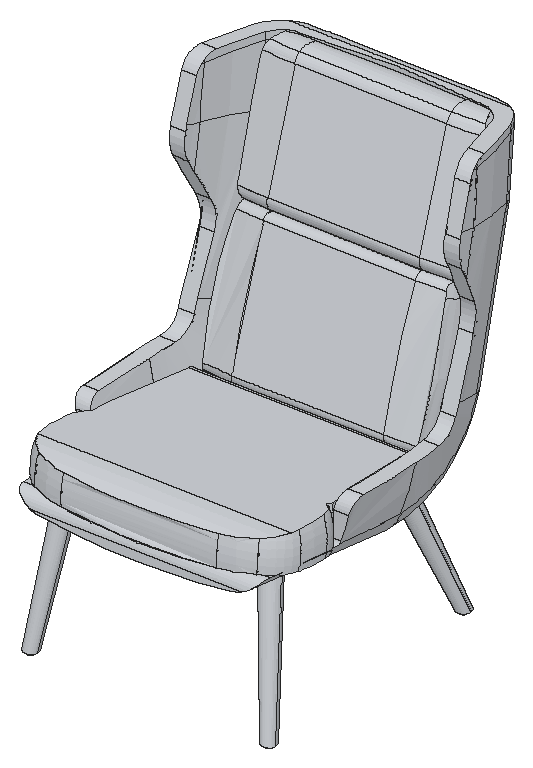
Revit family "Keilhauer-Wunder-Lounge_Chair", category Furniture, Revit 2016
Family settings
  OmniClass Number = 23.40.20.00
  OmniClass Title = General Furniture and Specialties
  Work Plane-Based = No
  Always vertical = Yes
  Cut with Voids When Loaded = No
  Shared = No
  Room Calculation Point = No
Parameters (values of type "78060")
  Width = 26"
  URL = "https://keilhauer.com/"
  Type Comments = "Wunder "  # constant formula
  Seat Finish [instance] = none
  Salvage or Reuse = yes
  Product Documentation Link = "https://keilhauer.com/product-family/wunder/"
  Percentage of Recycled Content = 0
  Model = "78060"
  Manufacturer = "Keilhauer"  # constant formula
  Low Emitting Material = yes
  Low Emitting Finish = yes
  Revit File Built By = "https://servex-us.com/servex-revit/"
  Leg Finish [instance] = none
  Keynote = "12500"
  Height = 38 7/8"
  Glide Finish [instance] = none
  Description = "Mid back lounge chair with ash legs"
  Depth = 30 7/8"
  Copyright = "© 2022 Keilhauer"
  Body Finish [instance] = none
  Back Finish [instance] = none
  Assembly Code = "E2020200"
Types (3): name | Model | Description
  (no name) | "78060" | "Mid back lounge chair with ash legs"
  78060 | "78060" | "Mid back lounge chair with ash legs"
  78061 | "78061" | "Mid back lounge chair with walnut legs"
Reference planes
  plane 1 "Center Front/Back": y = 0
  plane 2: z = 0
  plane 3 "Center Left/Right": x = 0
  plane 4: y = 392.09
  plane 5: y = -392.09
  plane 6: x = -327.952
  plane 7: x = 327.952
  plane 8: through (0, 85.712, 501.657) normal (0, 0.0872, 0.9962)
  plane 9: through (0, -510.126, 358.354) normal (0, 0.9944, -0.1061)
  plane 10: z = 987.403
Forms (mm)
  Sweep 1, solid, material <- "Body Finish"
    path origin (0, 0, 0) x (0, 1, 0) y (0, 0, 1)
      loop
        arc (-418.933, 309.04) -> (-210.726, 273.313) -> (-0.293, 254.754) r 2577.948
        arc (-0.293, 254.754) -> (181.123, 307.367) -> (292.412, 459.992) r 292.1
        arc (292.412, 459.992) -> (341.582, 638.875) -> (379.017, 820.577) r 2851.595
        arc (379.017, 820.577) -> (388.816, 896.721) -> (392.09, 973.422) r 900.051
        line (392.09, 973.422) -> (392.09, 1005.172)
    profile origin (0, 392.09, 989.297) x (0, -1, 0) y (1, 0, 0)
      loop
        arc (13.067, -214.928) -> (32.914, -262.484) -> (74.627, -292.744) r 95.25
        arc (74.627, -292.744) -> (144.229, -314.203) -> (215.755, -327.952) r 667.506
        arc (215.755, -327.952) -> (247.683, -331.519) -> (279.746, -333.545) r 667.506
        line (279.746, -333.545) -> (279.746, -298.592)
        arc (279.746, -298.592) -> (250.044, -296.666) -> (220.466, -293.346) r 632.581
        arc (220.466, -293.346) -> (152.683, -280.317) -> (86.723, -259.98) r 632.581
        arc (86.723, -259.98) -> (60.305, -240.816) -> (47.735, -210.697) r 60.325
        arc (47.735, -210.697) -> (34.925, 0) -> (47.735, 210.697) r 1739.203
        arc (47.735, 210.697) -> (60.305, 240.816) -> (86.723, 259.98) r 60.325
        arc (86.723, 259.98) -> (152.683, 280.317) -> (220.466, 293.346) r 632.581
        arc (220.466, 293.346) -> (250.044, 296.666) -> (279.746, 298.592) r 632.581
        line (279.746, 298.592) -> (279.746, 333.545)
        arc (279.746, 333.545) -> (247.683, 331.519) -> (215.755, 327.952) r 667.506
        arc (215.755, 327.952) -> (144.229, 314.203) -> (74.627, 292.744) r 667.506
        arc (74.627, 292.744) -> (32.914, 262.484) -> (13.067, 214.928) r 95.25
        arc (13.067, 214.928) -> (0, 0) -> (13.067, -214.928) r 1774.128
  Extrusion 2, void
    sketch origin (-2.897, 0, 0) x (0, 1, 0) y (0, 0, 1)
      loop
        line (203.45, 989.865) -> (366.32, 989.865)
        arc (366.32, 989.865) -> (386.35, 983.338) -> (398.689, 966.264) r 33.997
        line (398.689, 966.264) -> (398.689, 1029.764) -> (93.889, 1029.764) -> (-16.718, 586.144) -> (-390.266, 618.826) -> (-450.676, 295.781) -> (-390.759, 295.781) -> (-388.767, 324.269)
        arc (-388.767, 324.269) -> (-378.648, 344.564) -> (-357.143, 351.759) r 29.63
        line (-357.143, 351.759) -> (-181.189, 339.455)
        arc (-181.189, 339.455) -> (-173.213, 342.28) -> (-169.84, 350.039) r 10.609
        line (-169.84, 350.039) -> (-169.84, 407.963)
        arc (-169.84, 407.963) -> (-160.478, 430.476) -> (-137.915, 439.713) r 31.75
        arc (-137.915, 439.713) -> (-29.01, 440.655) -> (79.824, 444.682) r 3844.76
        arc (79.824, 444.682) -> (110.535, 455.551) -> (130.317, 481.433) r 57.15
        line (130.317, 481.433) -> (185.604, 626.739)
        arc (185.604, 626.739) -> (190.839, 661.257) -> (181.338, 694.851) r 82.55
        line (181.338, 694.851) -> (131.126, 789.285)
        arc (131.126, 789.285) -> (121.891, 819.645) -> (124.792, 851.245) r 82.55
        line (124.792, 851.245) -> (154.698, 953.346)
        arc (154.698, 953.346) -> (172.993, 979.723) -> (203.45, 989.865) r 50.8
    from -381.556 to 387.35
  Sweep 3, solid, material <- "Back Finish"
    path origin (0, 398.747, 1115.387) x (0, -0.951057, 0.309017) y (-1, 0, 0)
      loop
        arc (48.288, -305.87) -> (61.538, -240.869) -> (68.198, -174.866) r 660.159
        arc (68.198, -174.866) -> (72.596, 0) -> (68.198, 174.866) r 3478.288
        arc (68.198, 174.866) -> (61.538, 240.869) -> (48.288, 305.87) r 660.159
    profile origin (0, 329.704, 1137.821) x (0, 0.951057, -0.309017) y (0, -0.309017, -0.951057)
      loop
        arc (5.026, 179.307) -> (7.158, 167.396) -> (13.289, 156.965) r 34.336
        arc (13.289, 156.965) -> (39.756, 140.995) -> (70.526, 143.954) r 49.222
        line (70.526, 143.954) -> (88.656, 454.861)
        arc (88.656, 454.861) -> (57.873, 458.67) -> (26.896, 457.061) r 177.436
        arc (26.896, 457.061) -> (11.259, 448.573) -> (5.026, 431.907) r 25.4
        line (5.026, 431.907) -> (5.026, 179.307)
  Sweep 4, void
    path origin (0, 185.195, 945) x (0, 0.309017, 0.951057) y (-1, 0, 0)
      loop
        arc (100.224, 214.928) -> (74.789, 245.354) -> (36.83, 256.837) r 69.257
        arc (36.83, 256.837) -> (-78.15, 255.478) -> (-193.037, 250.623) r 3780.217
        arc (-193.037, 250.623) -> (-227.312, 241.81) -> (-255.695, 220.672) r 91.68
    profile origin (-255.478, 161.045, 870.674) x (0.999635, 0.008351, 0.025701) y (0, -0.951057, 0.309017)
      loop
        line (-88.155, 0) -> (-88.155, -285.75) -> (25.4, -285.75)
        spline (25.4, -285.75) -> (18.826, -280.882) -> (12.7, -266.608) -> (7.439, -243.903) -> (3.403, -214.312) -> (0.865, -179.854) -> (0, -142.875) -> (0.865, -105.896) -> (3.403, -71.437) -> (7.439, -41.847) -> (12.7, -19.142) -> (18.826, -4.868) -> (25.4, 0)
        line (25.4, 0) -> (-88.155, 0)
  Sweep 5, void
    path origin (0, 185.195, 945) x (0, 0.309017, 0.951057) y (-1, 0, 0)
      loop
        arc (100.224, -214.928) -> (74.789, -245.354) -> (36.83, -256.837) r 69.257
        arc (36.83, -256.837) -> (-78.15, -255.478) -> (-193.037, -250.623) r 3780.217
        arc (-193.037, -250.623) -> (-227.312, -241.81) -> (-255.695, -220.672) r 91.68
    profile origin (255.478, 161.045, 870.674) x (0.999635, -0.008351, -0.025701) y (0, -0.951057, 0.309017)
      loop
        line (88.155, 0) -> (-25.4, 0)
        spline (-25.4, 0) -> (-18.826, -4.868) -> (-12.7, -19.142) -> (-7.439, -41.847) -> (-3.403, -71.438) -> (-0.865, -105.896) -> (0, -142.875) -> (-0.865, -179.854) -> (-3.403, -214.313) -> (-7.439, -243.903) -> (-12.7, -266.608) -> (-18.826, -280.882) -> (-25.4, -285.75)
        line (-25.4, -285.75) -> (88.155, -285.75) -> (88.155, 0)
  Sweep 6, solid, material <- "Back Finish"
    path origin (0, 296.709, 810.447) x (0, -0.951057, 0.309017) y (-1, 0, 0)
      loop
        arc (48.288, -305.87) -> (61.538, -240.869) -> (68.198, -174.866) r 660.159
        arc (68.198, -174.866) -> (72.596, 0) -> (68.198, 174.866) r 3478.288
        arc (68.198, 174.866) -> (61.538, 240.869) -> (48.288, 305.87) r 660.159
    profile origin (0, 227.666, 832.881) x (0, 0.951057, -0.309017) y (0, -0.309017, -0.951057)
      loop
        arc (68.08, 138.732) -> (94.4, 151.286) -> (104.133, 178.774) r 38.1
        line (104.133, 178.774) -> (89.716, 453.878)
        arc (89.716, 453.878) -> (70.923, 481.222) -> (38.028, 476.891) r 31.75
        line (38.028, 476.891) -> (17.718, 460.444)
        arc (17.718, 460.444) -> (12.052, 453.614) -> (9.452, 445.129) r 22.603
        arc (9.452, 445.129) -> (2.238, 299.466) -> (9.679, 153.814) r 1451.294
        arc (9.679, 153.814) -> (16.235, 141.276) -> (29.629, 136.717) r 19.05
        line (29.629, 136.717) -> (68.08, 138.732)
  Sweep 7, void
    path origin (0, 194.012, 942.135) x (0, 0.309017, 0.951057) y (-1, 0, 0)
      loop
        arc (-191.706, 226.542) -> (-223.648, 244.724) -> (-259.089, 254.459) r 147.745
        arc (-259.089, 254.459) -> (-409.406, 265.254) -> (-559.722, 254.459) r 1052.022
        arc (-559.722, 254.459) -> (-607.318, 229.103) -> (-627.774, 179.205) r 79.481
    profile origin (-265.254, 67.498, 552.767) x (1, 0, 0) y (0, -0.951057, 0.309017)
      loop
        line (38.1, -57.15) -> (-62.698, -57.15) -> (-62.698, -260.35) -> (38.1, -260.35)
        spline (38.1, -260.35) -> (28.239, -256.888) -> (19.05, -246.738) -> (11.159, -230.592) -> (5.104, -209.55) -> (1.298, -185.046) -> (0, -158.75) -> (1.298, -132.454) -> (5.104, -107.95) -> (11.159, -86.908) -> (19.05, -70.762) -> (28.239, -60.612) -> (38.1, -57.15)
  Sweep 8, void
    path origin (0, 194.012, 942.135) x (0, 0.309017, 0.951057) y (-1, 0, 0)
      loop
        arc (-191.706, -226.542) -> (-223.648, -244.724) -> (-259.089, -254.459) r 147.745
        arc (-259.089, -254.459) -> (-409.406, -265.254) -> (-559.722, -254.459) r 1052.022
        arc (-559.722, -254.459) -> (-607.318, -229.103) -> (-627.774, -179.205) r 79.481
    profile origin (265.254, 67.498, 552.767) x (1, 0, 0) y (0, -0.951057, 0.309017)
      loop
        spline (-38.1, -57.15) -> (-28.239, -60.612) -> (-19.05, -70.762) -> (-11.159, -86.908) -> (-5.104, -107.95) -> (-1.298, -132.454) -> (0, -158.75) -> (-1.298, -185.046) -> (-5.104, -209.55) -> (-11.159, -230.592) -> (-19.05, -246.738) -> (-28.239, -256.888) -> (-38.1, -260.35)
        line (-38.1, -260.35) -> (62.698, -260.35) -> (62.698, -57.15) -> (-38.1, -57.15)
  Extrusion 9, solid, material <- "Seat Finish"
    sketch origin (0, 0, 0) x (0, 1, 0) y (0, 0, 1)
      loop
        arc (85.194, 400.099) -> (-111.042, 418.305) -> (-308.011, 424.92) r 3344.411
        arc (-308.011, 424.92) -> (-351.316, 419.78) -> (-392.09, 404.311) r 178.815
        line (-392.09, 404.311) -> (-394.463, 336.364)
        arc (-394.463, 336.364) -> (-376.175, 347.92) -> (-354.758, 350.967) r 51.616
        line (-354.758, 350.967) -> (-244.842, 343.281)
        arc (-244.842, 343.281) -> (-70.241, 328.821) -> (103.933, 309.891) r 6836.199
        arc (103.933, 309.891) -> (128.519, 321.609) -> (128.365, 348.843) r 25.4
        line (128.365, 348.843) -> (102.32, 389.346)
        arc (102.32, 389.346) -> (94.956, 396.631) -> (85.194, 400.099) r 23.804
    from -327.952 to 327.952
  Sweep 10, void
    path origin (0, 77.243, 404.859) x (0, 0.996195, -0.087156) y (-1, 0, 0)
      loop
        arc (-247.466, -276.565) -> (-267.938, -295.202) -> (-294.333, -303.555) r 64.584
        arc (-294.333, -303.555) -> (-331.313, -304.841) -> (-368.207, -302.008) r 332.312
        arc (-368.207, -302.008) -> (-406.211, -286.69) -> (-432.168, -254.986) r 82.55
        arc (-432.168, -254.986) -> (-445.767, -217.52) -> (-452.671, -178.264) r 229.211
        arc (-452.671, -178.264) -> (-460.433, 0) -> (-452.671, 178.264) r 2050.947
        arc (-452.671, 178.264) -> (-445.767, 217.52) -> (-432.168, 254.986) r 229.211
        arc (-432.168, 254.986) -> (-406.211, 286.69) -> (-368.207, 302.008) r 82.55
        arc (-368.207, 302.008) -> (-331.313, 304.841) -> (-294.333, 303.555) r 332.312
        arc (-294.333, 303.555) -> (-267.938, 295.202) -> (-247.466, 276.565) r 64.584
    profile origin (0, -381.438, 444.988) x (0, -0.996195, 0.087156) y (0, 0.087156, 0.996195)
      loop
        spline (-38.1, 19.05) -> (-28.239, 16.129) -> (-19.05, 7.565) -> (-11.159, -6.058) -> (-5.104, -23.813) -> (-1.298, -44.488) -> (0, -66.675) -> (-1.298, -88.862) -> (-5.104, -109.538) -> (-11.159, -127.292) -> (-19.05, -140.915) -> (-28.239, -149.479) -> (-38.1, -152.4)
        line (-38.1, -152.4) -> (76.2, -152.4) -> (76.2, 19.05) -> (-38.1, 19.05)
  Extrusion 11, void
    sketch origin (0, 77.243, 404.859) x (0, 0.996195, -0.087156) y (-1, 0, 0)
      loop
        line (-248.497, 275.835) -> (11.219, 257.674)
        arc (11.219, 257.674) -> (59.67, 241.576) -> (94.403, 204.155) r 102.803
        line (94.403, 204.155) -> (94.403, 346.465) -> (-248.497, 346.465) -> (-248.497, 275.835)
      loop
        line (-248.497, -275.835) -> (-248.497, -346.465) -> (94.403, -346.465) -> (94.403, -204.155)
        arc (94.403, -204.155) -> (59.67, -241.576) -> (11.219, -257.674) r 102.803
        line (11.219, -257.674) -> (-248.497, -275.835)
    from -117.214 to 12.7
  Blend 12, solid, material <- "Leg Finish"
    base sketch origin (0, 0, 0) x (1, 0, 0) y (0, 1, 0)
      loop
        circle (-238.942, 250.318) r 16.089
    top sketch origin (0, 0, 0) x (1, 0, 0) y (0, 1, 0)
      loop
        circle (-189.02, 126.393) r 25.4
    from 6.35 to 303.581
  Blend 13, solid, material <- "Leg Finish"
    base sketch origin (0, 0, 0) x (-1, 0, 0) y (0, -1, 0)
      loop
        circle (-238.942, -250.318) r 16.089
    top sketch origin (0, 0, 0) x (-1, 0, 0) y (0, -1, 0)
      loop
        circle (-189.02, -126.393) r 25.4
    from 6.35 to 303.581
  Blend 14, solid, material <- "Leg Finish"
    base sketch origin (0, -323.85, 0) x (1, 0, 0) y (0, 1, 0)
      loop
        circle (-272.246, -24.431) r 16.089
    top sketch origin (0, -323.85, 0) x (1, 0, 0) y (0, 1, 0)
      loop
        circle (-231.408, 32.565) r 23.461
    from 6.35 to 329.185
  Blend 15, solid, material <- "Leg Finish"
    base sketch origin (0, -323.85, 0) x (-1, 0, 0) y (0, -1, 0)
      loop
        circle (-272.246, 24.431) r 16.089
    top sketch origin (0, -323.85, 0) x (-1, 0, 0) y (0, -1, 0)
      loop
        circle (-231.408, -32.565) r 23.461
    from 6.35 to 329.185
  Extrusion 16, solid, material <- "Glide Finish"
    sketch origin (0, 0, 0) x (1, 0, 0) y (0, 1, 0)
      loop
        circle (-238.744, 250.318) r 7.997
    from 0 to 6.35
  Extrusion 17, solid, material <- "Glide Finish"
    sketch origin (0, 0, 0) x (-1, 0, 0) y (0, -1, 0)
      loop
        circle (-238.744, -250.318) r 7.997
    from 0 to 6.35
  Extrusion 18, solid, material <- "Glide Finish"
    sketch origin (-33.304, -598.599, 0) x (1, 0, 0) y (0, 1, 0)
      loop
        circle (-238.744, 250.318) r 7.997
    from 0 to 6.35
  Extrusion 19, solid, material <- "Glide Finish"
    sketch origin (33.304, -598.599, 0) x (-1, 0, 0) y (0, -1, 0)
      loop
        circle (-238.744, -250.318) r 7.997
    from 0 to 6.35
Cuts and joins
  Sweep 4, Sweep 5 cuts Sweep 3
  Sweep 7, Sweep 8 cuts Sweep 6
  Sweep 10, Extrusion 11 cuts Extrusion 9
  Extrusion 2 cuts Sweep 1
Lines and regions (mm)
  symbolic lines
    curve 1: arc (-214.928, 379.023, 0) -> (0, 392.09, 0) -> (214.928, 379.023, 0) r 1774.128
    curve 2: arc (-292.744, 317.462, 0) -> (-262.484, 359.175, 0) -> (-214.928, 379.023, 0) r 95.25
    curve 3: arc (-327.952, 176.335, 0) -> (-314.203, 247.861, 0) -> (-292.744, 317.462, 0) r 667.506
    curve 4: arc (210.697, 344.355, 0) -> (0, 357.165, 0) -> (-210.697, 344.355, 0) r 1739.203
    curve 5: arc (-210.697, 344.355, 0) -> (-240.816, 331.785, 0) -> (-259.98, 305.367, 0) r 60.325
    curve 6: arc (-259.98, 305.367, 0) -> (-280.317, 239.407, 0) -> (-293.346, 171.624, 0) r 632.581
    curve 7: arc (-332.096, 121.534, 0) -> (-330.844, 148.996, 0) -> (-327.952, 176.335, 0) r 459.444
    curve 8: arc (-293.346, 171.624, 0) -> (-296.109, 146.632, 0) -> (-297.608, 121.534, 0) r 498.497
    curve 9: line (-297.608, 121.534, 0) -> (-332.096, 121.534, 0)
    curve 10: arc (292.744, 317.462, 0) -> (262.484, 359.175, 0) -> (214.928, 379.023, 0) r 95.25
    curve 11: arc (327.952, 176.335, 0) -> (314.203, 247.861, 0) -> (292.744, 317.462, 0) r 667.506
    curve 12: arc (210.697, 344.355, 0) -> (240.816, 331.785, 0) -> (259.98, 305.367, 0) r 60.325
    curve 13: arc (259.98, 305.367, 0) -> (280.317, 239.407, 0) -> (293.346, 171.624, 0) r 632.581
    curve 14: arc (332.096, 121.534, 0) -> (330.844, 148.996, 0) -> (327.952, 176.335, 0) r 459.444
    curve 15: arc (293.346, 171.624, 0) -> (296.109, 146.632, 0) -> (297.608, 121.534, 0) r 498.497
    curve 16: line (297.608, 121.534, 0) -> (332.096, 121.534, 0)
    curve 17: spline (-253.92, 317.424, 0) -> (-254.631, 308.781, 0) -> (-255.126, 300.101, 0) -> (-255.407, 291.385, 0) -> (-255.473, 282.633, 0) -> (-255.325, 273.846, 0) -> (-254.961, 265.025, 0) -> (-254.382, 256.17, 0) -> (-253.589, 247.281, 0) -> (-252.58, 238.359, 0) -> (-251.357, 229.405, 0) -> (-249.92, 220.419, 0) -> (-248.267, 211.402, 0)
    curve 18: spline (253.92, 317.424, 0) -> (254.63, 308.782, 0) -> (255.126, 300.103, 0) -> (255.407, 291.388, 0) -> (255.474, 282.638, 0) -> (255.325, 273.852, 0) -> (254.961, 265.032, 0) -> (254.383, 256.178, 0) -> (253.59, 247.29, 0) -> (252.582, 238.37, 0) -> (251.359, 229.417, 0) -> (249.922, 220.432, 0) -> (248.27, 211.416, 0)
    curve 19: arc (-248.267, 211.402, 0) -> (0.002, 199.333, 0) -> (248.27, 211.416, 0) r 2558.08
    curve 20: arc (-254.376, 252.265, 0) -> (-259.468, 180.857, 0) -> (-246.173, 110.513, 0) r 278.269
    curve 21: arc (254.376, 252.265, 0) -> (259.468, 180.857, 0) -> (246.173, 110.513, 0) r 278.269
    curve 22: arc (-246.173, 110.513, 0) -> (0, 98.575, 0) -> (246.173, 110.513, 0) r 2544.09
    curve 23: arc (-257.759, 94.409, 0) -> (-268.233, -40.018, 0) -> (-276.093, -174.623, 0) r 6943.301
    curve 24: arc (-249.046, 119.86, 0) -> (-254.953, 107.665, 0) -> (-257.759, 94.409, 0) r 56.04
    curve 25: arc (257.759, 94.409, 0) -> (268.233, -40.018, 0) -> (276.093, -174.623, 0) r 6943.301
    curve 26: arc (249.046, 119.86, 0) -> (254.953, 107.665, 0) -> (257.759, 94.409, 0) r 56.04
    curve 27: arc (-302.178, -292.808, 0) -> (-305.186, -256.242, 0) -> (-303.112, -219.611, 0) r 264.865
    curve 28: arc (-303.112, -219.611, 0) -> (-294.338, -194.273, 0) -> (-276.093, -174.623, 0) r 65.082
    curve 29: arc (302.178, -292.808, 0) -> (305.186, -256.242, 0) -> (303.112, -219.611, 0) r 264.865
    curve 30: arc (303.112, -219.611, 0) -> (294.338, -194.273, 0) -> (276.093, -174.623, 0) r 65.082
    curve 31: arc (-221.529, -372.729, 0) -> (0, -388.521, 0) -> (221.529, -372.729, 0) r 1561.702
    curve 32: arc (-221.529, -372.729, 0) -> (-275.063, -346.099, 0) -> (-302.178, -292.808, 0) r 95.25
    curve 33: arc (221.529, -372.729, 0) -> (275.063, -346.099, 0) -> (302.178, -292.808, 0) r 95.25
    curve 34: spline (-293.346, 144.007, 0) -> (-292.753, 147.127, 0) -> (-292.129, 150.246, 0) -> (-291.472, 153.363, 0) -> (-290.783, 156.478, 0) -> (-290.062, 159.592, 0) -> (-289.309, 162.704, 0) -> (-288.524, 165.814, 0) -> (-287.708, 168.923, 0) -> (-286.859, 172.03, 0) -> (-285.978, 175.135, 0) -> (-285.066, 178.237, 0) -> (-284.121, 181.338, 0)
    curve 35: spline (-284.493, 79.824, 0) -> (-285.117, 73.905, 0) -> (-285.68, 67.979, 0) -> (-286.181, 62.046, 0) -> (-286.62, 56.109, 0) -> (-286.997, 50.167, 0) -> (-287.312, 44.221, 0) -> (-287.566, 38.271, 0) -> (-287.757, 32.319, 0) -> (-287.886, 26.365, 0) -> (-287.953, 20.409, 0) -> (-287.957, 14.453, 0) -> (-287.9, 8.497, 0)
    curve 36: spline (-323.423, 8.497, 0) -> (-323.477, 14.452, 0) -> (-323.472, 20.407, 0) -> (-323.409, 26.362, 0) -> (-323.287, 32.315, 0) -> (-323.106, 38.266, 0) -> (-322.867, 44.215, 0) -> (-322.569, 50.161, 0) -> (-322.212, 56.103, 0) -> (-321.797, 62.041, 0) -> (-321.323, 67.975, 0) -> (-320.791, 73.902, 0) -> (-320.2, 79.824, 0)
    curve 37: arc (-320.88, -137.915, 0) -> (-322.274, -64.711, 0) -> (-323.423, 8.497, 0) r 21903.502
    curve 38: arc (-312.793, -169.84, 0) -> (-318.659, -154.339, 0) -> (-320.88, -137.915, 0) r 73.047
    curve 39: line (-312.793, -169.84, 0) -> (-275.859, -169.84, 0)
    curve 40: arc (-287.9, 8.497, 0) -> (-286.686, -64.711, 0) -> (-285.212, -137.915, 0) r 20666.486
    curve 41: arc (-285.212, -137.915, 0) -> (-284.326, -150.889, 0) -> (-282.245, -163.726, 0) r 140.611
    curve 42: arc (-282.245, -163.726, 0) -> (-279.998, -167.771, 0) -> (-275.859, -169.84, 0) r 7.827
    curve 43: arc (-279.782, 187.397, 0) -> (-280.347, 133.532, 0) -> (-284.493, 79.824, 0) r 809.33
    curve 44: arc (-284.121, 181.338, 0) -> (-282.442, 184.719, 0) -> (-279.782, 187.397, 0) r 11.808
    curve 45: arc (-320.2, 79.824, 0) -> (-318.437, 100.652, 0) -> (-317.505, 121.534, 0) r 525.051
    curve 46: spline (293.346, 144.007, 0) -> (292.753, 147.127, 0) -> (292.129, 150.246, 0) -> (291.472, 153.363, 0) -> (290.783, 156.478, 0) -> (290.062, 159.592, 0) -> (289.309, 162.704, 0) -> (288.524, 165.814, 0) -> (287.708, 168.923, 0) -> (286.859, 172.03, 0) -> (285.978, 175.135, 0) -> (285.066, 178.237, 0) -> (284.121, 181.338, 0)
    curve 47: spline (284.493, 79.824, 0) -> (285.117, 73.905, 0) -> (285.68, 67.979, 0) -> (286.181, 62.046, 0) -> (286.62, 56.109, 0) -> (286.997, 50.167, 0) -> (287.312, 44.221, 0) -> (287.566, 38.271, 0) -> (287.757, 32.319, 0) -> (287.886, 26.365, 0) -> (287.953, 20.409, 0) -> (287.957, 14.453, 0) -> (287.9, 8.497, 0)
    curve 48: spline (323.423, 8.497, 0) -> (323.477, 14.452, 0) -> (323.472, 20.407, 0) -> (323.409, 26.362, 0) -> (323.287, 32.315, 0) -> (323.106, 38.266, 0) -> (322.867, 44.215, 0) -> (322.569, 50.161, 0) -> (322.212, 56.103, 0) -> (321.797, 62.041, 0) -> (321.323, 67.975, 0) -> (320.791, 73.902, 0) -> (320.2, 79.824, 0)
    curve 49: arc (320.88, -137.915, 0) -> (322.274, -64.711, 0) -> (323.423, 8.497, 0) r 21903.502
    curve 50: arc (312.793, -169.84, 0) -> (318.659, -154.339, 0) -> (320.88, -137.915, 0) r 73.047
    curve 51: line (312.793, -169.84, 0) -> (275.859, -169.84, 0)
    curve 52: arc (287.9, 8.497, 0) -> (286.686, -64.711, 0) -> (285.212, -137.915, 0) r 20666.486
    curve 53: arc (285.212, -137.915, 0) -> (284.326, -150.889, 0) -> (282.245, -163.726, 0) r 140.611
    curve 54: arc (279.782, 187.397, 0) -> (280.347, 133.532, 0) -> (284.493, 79.824, 0) r 809.33
    curve 55: arc (284.121, 181.338, 0) -> (282.442, 184.719, 0) -> (279.782, 187.397, 0) r 11.808
    curve 56: arc (320.2, 79.824, 0) -> (318.437, 100.652, 0) -> (317.505, 121.534, 0) r 525.051
    curve 57: arc (-290.081, -188.035, 0) -> (-290.32, -178.307, 0) -> (-295.116, -169.84, 0) r 20.027
    curve 58: arc (290.081, -188.035, 0) -> (290.32, -178.307, 0) -> (295.116, -169.84, 0) r 20.027
    curve 59: arc (-297.608, 121.534, 0) -> (-295.451, 132.766, 0) -> (-293.346, 144.007, 0) r 2462.017
    curve 60: arc (297.608, 121.534, 0) -> (295.451, 132.766, 0) -> (293.346, 144.007, 0) r 2462.017
  symbolic lines, style "FurnitureHiddenLines", detail levels fine
    curve 61: arc (-207.947, -291.285, 0) -> (-231.408, -267.824, 0) -> (-254.869, -291.285, 0) r 23.461
    curve 62: arc (-254.869, -291.285, 0) -> (-231.408, -314.746, 0) -> (-207.947, -291.285, 0) r 23.461
    curve 63: arc (-256.157, -348.281, 0) -> (-272.246, -364.369, 0) -> (-288.335, -348.281, 0) r 16.089
    curve 64: arc (-288.335, -348.281, 0) -> (-272.246, -332.192, 0) -> (-256.157, -348.281, 0) r 16.089
    curve 65: line (-251.714, -279.534, 0) -> (-286.237, -340.337, 0)
    curve 66: line (-259.752, -358.418, 0) -> (-213.884, -306.883, 0)
    curve 67: arc (207.947, -291.285, 0) -> (231.408, -267.824, 0) -> (254.869, -291.285, 0) r 23.461
    curve 68: arc (254.869, -291.285, 0) -> (231.408, -314.746, 0) -> (207.947, -291.285, 0) r 23.461
    curve 69: arc (256.157, -348.281, 0) -> (272.246, -364.369, 0) -> (288.335, -348.281, 0) r 16.089
    curve 70: arc (288.335, -348.281, 0) -> (272.246, -332.192, 0) -> (256.157, -348.281, 0) r 16.089
    curve 71: line (251.714, -279.534, 0) -> (286.237, -340.337, 0)
    curve 72: line (259.752, -358.418, 0) -> (213.884, -306.883, 0)
    curve 73: arc (-255.031, 250.318, 0) -> (-238.942, 266.407, 0) -> (-222.853, 250.318, 0) r 16.089
    curve 74: arc (-222.853, 250.318, 0) -> (-238.942, 234.229, 0) -> (-255.031, 250.318, 0) r 16.089
    curve 75: arc (-163.62, 126.393, 0) -> (-189.02, 151.793, 0) -> (-214.42, 126.393, 0) r 25.4
    curve 76: arc (-214.42, 126.393, 0) -> (-189.02, 100.993, 0) -> (-163.62, 126.393, 0) r 25.4
    curve 77: line (-165.856, 136.815, 0) -> (-224.473, 257.354, 0)
    curve 78: line (-212.526, 116.768, 0) -> (-254.246, 245.353, 0)
    curve 79: arc (255.031, 250.318, 0) -> (238.942, 266.407, 0) -> (222.853, 250.318, 0) r 16.089
    curve 80: arc (222.853, 250.318, 0) -> (238.942, 234.229, 0) -> (255.031, 250.318, 0) r 16.089
    curve 81: arc (163.62, 126.393, 0) -> (189.02, 151.793, 0) -> (214.42, 126.393, 0) r 25.4
    curve 82: arc (214.42, 126.393, 0) -> (189.02, 100.993, 0) -> (163.62, 126.393, 0) r 25.4
    curve 83: line (165.856, 136.815, 0) -> (224.473, 257.354, 0)
    curve 84: line (212.526, 116.768, 0) -> (254.246, 245.353, 0)
Dimensions and locks
  plane 6 to plane 7 = 25.82297"
  plane 5 to plane 4 = 30.87321"
  plane 10 to plane 2 = 38.87414"
  aligned and locked: level to plane 2
  aligned and locked: curve 75 to Blend 12
  aligned and locked: curve 76 to Blend 12
